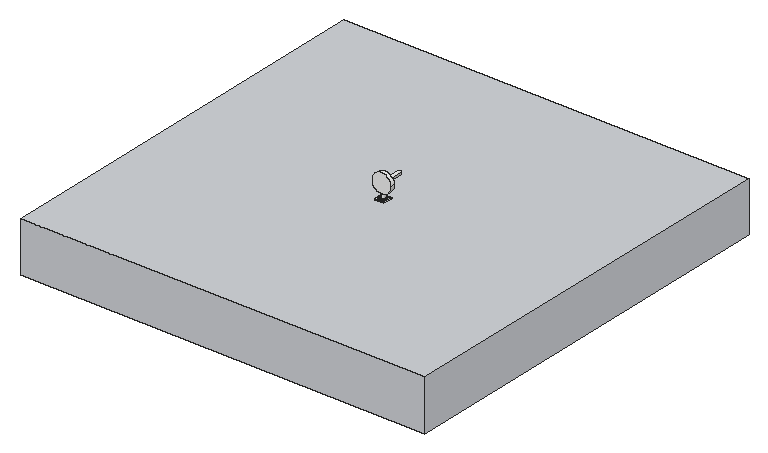
Revit family "Toilet_Paper_Holder-Reserve-Grohe-Allure-40956_Series", category Specialty Equipment, host Face, Revit 2019
Family settings
  Host = Face
  Round Connector Dimension = Use Diameter
  Part Type = Normal
  OmniClass Number = 23.40.20.21
  OmniClass Title = Toilet and Bath Specialties
  Cut with Voids When Loaded = No
  Shared = Yes
  Room Calculation Point = No
Parameters (values of type "40956001")
  Width = 2 3/16"  # constant formula
  URL = "https://www.grohe.us"
  Type Comments = ""
  Product Page URL = "https://www.grohe.us/Toilet-Brush/Allure-Reserve-Toilet-Paper-Holder/GROHE-CHROME-40956001"
  Product Documentation Link = "https://americanstandard.box.com/shared/static/obikcdfru0r3py1vpsk20zzdsbxk4iei.pdf"
  Price = "Prices may vary. Please consult Manufacturer Representative for most up-to-date price list."  # constant formula
  Model = "40956001"
  Material = "Metal-Grohe-001-StarLight Chrome"
  Manufacturer = "Grohe"  # constant formula
  Length = 5 13/16"  # constant formula
  Installation Type = "Councealed Mounting"  # constant formula
  Height = 5 7/8"  # constant formula
  Finish = Metal-Grohe-001-StarLight Chrome
  Description = "Allure Reserve Toilet Paper Holder"  # constant formula
  Default Elevation = 40"  # constant formula
  Creation Date = "06/14/2023"  # constant formula
  Assembly Code = "C1030200"
Types (4): name | Model | Material | Finish
  40956001 | "40956001" | "Metal-Grohe-001-StarLight Chrome" | Metal-Grohe-001-StarLight Chrome
  40956EN1 | "40956EN1" | "Metal-Grohe-EN1-Brushed Nickel Infinity Finish" | Metal-Grohe-EN1-Brushed Nickel Infinity Finish
  40956GN1 | "40956GN1" | "Metal-Grohe-GN1-Brushed Cool Sunrise" | Metal-Grohe-GN1-Brushed Cool Sunrise
  409562431 | "409562431" | "Metal-Grohe-2431-Matte Black" | Metal-Grohe-2431-Matte Black
Reference planes (in)
  plane 1 "Center (Front/Back)": y = -0.3125
  plane 2: z = 0
  plane 3 "Center (Left/Right)": x = 0
  plane 4: z = 5.8125
  plane 5: y = 0.78125
  plane 6: y = -1.40625
  plane 7: z = 3.59375
  plane 8: y = 4.46875
  plane 9: x = -1.09375
  plane 10: x = 1.09375
  plane 11: y = 0.11183
  plane 12: z = 1.375
  plane 13: y = -0.73683
Forms (in)
  Extrusion 1, solid
    sketch origin (0, 0, 0) x (1, 0, 0) y (0, 1, 0)
      loop
        line (-48, 48) -> (-48, -48) -> (48, -48) -> (48, 48) -> (-48, 48)
    from 0 to -12
  Extrusion 2, solid, material "Metal-Grohe-001-StarLight Chrome" <- "Finish"
    sketch origin (0, 0, 0) x (1, 0, 0) y (0, 1, 0)
      loop
        arc (-1.06641, 0.78125) -> (-1.08574, 0.77324) -> (-1.09375, 0.75391) r 0.02734
        line (-1.09375, 0.75391) -> (-1.09375, -1.37891)
        arc (-1.09375, -1.37891) -> (-1.08574, -1.39824) -> (-1.06641, -1.40625) r 0.02734
        line (-1.06641, -1.40625) -> (1.06641, -1.40625)
        arc (1.06641, -1.40625) -> (1.08574, -1.39824) -> (1.09375, -1.37891) r 0.02734
        line (1.09375, -1.37891) -> (1.09375, 0.75367)
        arc (1.09375, 0.75367) -> (1.08567, 0.77317) -> (1.06617, 0.78125) r 0.02758
        line (1.06617, 0.78125) -> (-1.06641, 0.78125)
    from 0 to 0.23571
  Revolve 3, solid, material "Metal-Grohe-001-StarLight Chrome" <- "Finish"
    sketch origin (0, 0, 0) x (0, 1, 0) y (0, 0, 1)
      loop
        line (-0.3125, 0.20707) -> (-0.3125, 2.85942) -> (-0.71156, 2.85942) -> (-0.71156, 0.51192)
        arc (-0.71156, 0.51192) -> (-0.79111, 0.31988) -> (-0.98315, 0.24033) r 0.27159
        line (-0.98315, 0.24033) -> (-1.03341, 0.24033) -> (-1.03341, 0.20707) -> (-0.3125, 0.20707)
      axis (-0.3125, 0.20707) -> (-0.3125, 2.85942)
    angle from 0 to 360
  Extrusion 4, solid, material "Metal-Grohe-001-StarLight Chrome" <- "Finish"
    sketch origin (0, -0.3125, 0) x (1, 0, 0) y (0, 0, 1)
      loop
        circle (0, 3.59375) r 2.21875
    from -0.42433 to 0.42433
  Extrusion 5, solid, material "Metal-Grohe-001-StarLight Chrome" <- "Finish"
    sketch origin (0, -0.3125, 0) x (1, 0, 0) y (0, 0, 1)
      loop
        circle (0, 3.59375) r 0.42188
    from 0 to -4.78125
  Extrusion 6, void
    sketch origin (0.0001, -0.00248, 0) x (1, 0, 0) y (0, 1, 0)
      loop
        circle (0, -0.3125) r 1
      loop
        circle (0, -0.3125) r 0.98387
      loop
        circle (0, -0.3125) r 0.8369
      loop
        circle (0, -0.3125) r 0.8204
    from 0.21956 to 0.32098
Cuts and joins
  joined: Revolve 3, Extrusion 4, Extrusion 5
  Extrusion 6 cuts Extrusion 2
Lines and regions (in)
  Masking region 1
    outline origin (0, -0.3125, 0) x (1, 0, 0) y (0, 0, 1)
      loop
        arc (0.39883, 1.41114) -> (0, 5.8125) -> (-0.39883, 1.41114) r 2.21875
        line (-0.39883, 1.41114) -> (-0.39883, 0.51423)
        arc (-0.39883, 0.51423) -> (-0.47905, 0.32055) -> (-0.67273, 0.24033) r 0.2739
        line (-0.67273, 0.24033) -> (-1.09375, 0.24033) -> (-1.09375, 0) -> (1.09375, 0) -> (1.09375, 0.24033) -> (0.67479, 0.24033)
        arc (0.67479, 0.24033) -> (0.47966, 0.32116) -> (0.39883, 0.51629) r 0.27596
        line (0.39883, 0.51629) -> (0.39883, 1.41114)
  symbolic lines, detail levels medium+fine
    curve 1: line (0.72091, -0.3125, 0.24033) -> (-0.72091, -0.3125, 0.24033)
    curve 2: circle (0, -0.3125, 3.59375) r 0.42188 normal (0, -1, 0)
    curve 3: arc (-0.39883, -0.3125, 1.41114) -> (0, -0.3125, 1.375) -> (0.39883, -0.3125, 1.41114) r 2.21875
Dimensions and locks (in)
  "Length": Extrusion 1 to plane 4
  plane 4 to Extrusion 1 = 5 13/16"
  "Width": plane 5 to plane 6
  equal spacing: plane 5, plane 1 "Center (Front/Back)", plane 6
  equal spacing: plane 9, plane 3 "Center (Left/Right)", plane 10
  "Width": plane 9 to plane 10
  plane 1 "Center (Front/Back)" to plane 8 = 4 25/32"
  plane 4 to plane 2 = 5 13/16"
  "Height": plane 8 to plane 6
  equal spacing: plane 12, plane 7, plane 4
  locked: plane 11 to plane 13 at 0.84866
  aligned and locked: plane 2 to Extrusion 1
  aligned and locked: level to Extrusion 1
  aligned and locked: Extrusion 2 sketch curve to plane 5
  aligned and locked: plane 6 to Extrusion 2 sketch curve
  aligned and locked: plane 9 to Extrusion 2 sketch curve
  aligned and locked: Extrusion 2 sketch curve to plane 10
  aligned and locked: Revolve 3 sketch curve to plane 1 "Center (Front/Back)"
  aligned and locked: plane 7 to Extrusion 4 sketch curve
  aligned and locked: plane 3 "Center (Left/Right)" to Extrusion 4 sketch curve
  aligned and locked: plane 3 "Center (Left/Right)" to Extrusion 5 sketch curve
  aligned and locked: plane 7 to Extrusion 5 sketch curve
  aligned and locked: Extrusion 5 to plane 8
  aligned and locked: Masking region 1 sketch curve to cut or joined group of Revolve 3, Extrusion 4, Extrusion 5  (x2)
  aligned and locked: Masking region 1 sketch curve to Extrusion 2
  aligned and locked: cut or joined group of Revolve 3, Extrusion 4, Extrusion 5 to Masking region 1 sketch curve
  aligned and locked: curve 3 to cut or joined group of Revolve 3, Extrusion 4, Extrusion 5
Automatic sketch dimensions
  Extrusion 1 sketch curve to Extrusion 1 sketch curve = 96"  (x2)
  Revolve 3 sketch curve to plane 1 "Center (Front/Back)" = 0"
  Revolve 3 sketch curve to Revolve 3 sketch curve = 0.05026"
  level to Revolve 3 sketch curve = 0.20707"
  Revolve 3 sketch curve to Revolve 3 sketch curve = 0.03326"
  Revolve 3 sketch curve to Revolve 3 sketch curve = 0.17883"
  plane 9 to Extrusion 2 sketch curve = 7/256"
  Extrusion 2 sketch curve to Extrusion 2 sketch curve = 7/256"
  Extrusion 2 sketch curve to plane 5 = 0.02758"
  Extrusion 2 sketch curve to plane 10 = 7/256"
  Revolve 3 sketch curve to plane 7 = 0.73433"
  Revolve 3 sketch curve to Revolve 3 sketch curve = 0.21481"
  plane 1 "Center (Front/Back)" to Revolve 3 sketch curve = 0.39906"
  Revolve 3 sketch curve to Revolve 3 sketch curve = 0.27159"
  Masking region 1 sketch curve to plane 9 = 0"
  Masking region 1 sketch curve to plane 10 = 0"
  plane 9 to Masking region 1 sketch curve = 0.42102"
  Masking region 1 sketch curve to Masking region 1 sketch curve = 0.2739"
  plane 3 "Center (Left/Right)" to Masking region 1 sketch curve = 0.39883"
  Masking region 1 sketch curve to Masking region 1 sketch curve = 0.27596"
  curve 2 to curve 3 = 0"  (x2)
  curve 3 to plane 12 = 0.03614"  (x2)
  plane 9 to curve 1 = 0.37284"
  curve 1 to plane 10 = 0.37284"
  level to curve 1 = 0.24033"
  Extrusion 6 sketch curve to Extrusion 6 sketch curve = 0"  (x12)
  plane 3 "Center (Left/Right)" to Extrusion 6 sketch curve = 0.0001"
  plane 1 "Center (Front/Back)" to Extrusion 6 sketch curve = 0.00248"
  radius of Extrusion 4 sketch curve = 2 7/32"
  radius of Extrusion 5 sketch curve = 27/64"
  radius of curve 2 = 27/64"
  radius of Extrusion 6 sketch curve = 1"
  radius of Extrusion 6 sketch curve = 0.98387"
  radius of Extrusion 6 sketch curve = 0.8369"
  radius of Extrusion 6 sketch curve = 0.8204"
